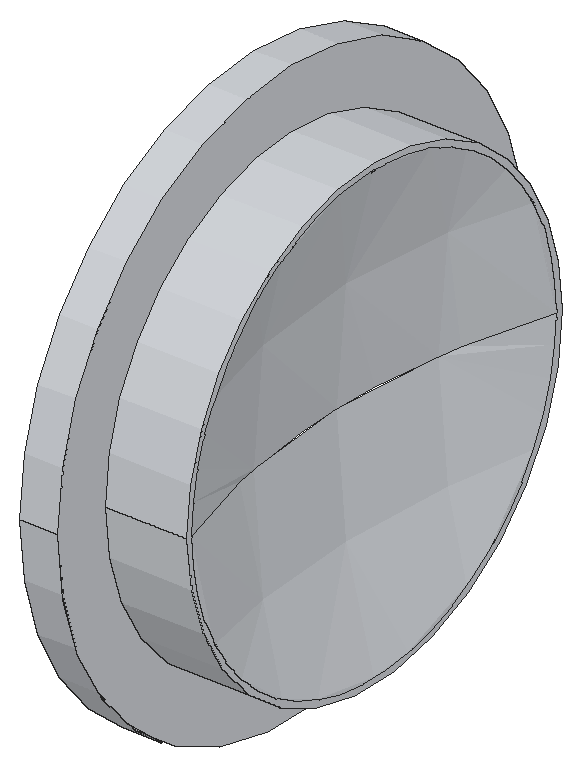
Revit family "61090a06ac71469b8d542e2bde40ab55", category Pipe Fittings, Revit 2021
Family settings
  Round Connector Dimension = Use Radius
  Part Type = Cap
  OmniClass Number = 23.60.30.11.14
  OmniClass Title = Pipework Fittings
  Seek Item ID = Cap - PVC - Sch 40-0000-USA-ENU
  Work Plane-Based = No
  Always vertical = Yes
  Cut with Voids When Loaded = No
  Shared = No
Parameters (values of type "Standard")
  Nominal Radius [instance] = 7.0000"
  Nominal Diameter [instance] = Nominal Radius * 2  # 14.0000"
  Loss Method = Not Defined
  Socket Outside Radius [instance] = Socket Outside Diameter / 2  # 8.0950"
  Socket Outside Diameter [instance] = size_lookup(Lookup Table Name, "SOD", 1.08 * Nominal Diameter + 1.12109", Nominal Diameter)  # 16.1900"
  Lookup Table Name = "Cap Dished - MJ - DI - Class 250"
  Length 1 [instance] = (((Socket Outside Radius * Socket Outside Radius) / Gland Width) - Gland Width) / 2  # 24.35608"
  Length [instance] = size_lookup(Lookup Table Name, "Lgt", 0.09 * Nominal Diameter + 2.5700", Nominal Diameter)  # 4.1600"
  Gland Width [instance] = size_lookup(Lookup Table Name, "GWid", 0.03 * Nominal Diameter + 0.9400", Nominal Diameter)  # 1.3100"
  Gland Outside Radius [instance] = Gland Outside Diameter / 2  # 10.1250"
  Gland Outside Diameter [instance] = size_lookup(Lookup Table Name, "GOD", 1.16 * Nominal Diameter + 4.0300", Nominal Diameter)  # 20.2500"
  Default Elevation = 0.0000"
Reference planes (in)
  plane 1 "Center (Front/Back)": y = 0
  plane 2: z = 0
  plane 3 "Center (Left/Right)": x = 0
  plane 4: x = 4.16
  plane 5: y = 8.095
  plane 6: y = -8.095
  plane 7: x = 1.31
  plane 8: x = 2.85
  plane 9 "void cl": x = 27.20608
Forms (in)
  Extrusion 1, solid, detail levels fine
    sketch origin (0, 0, 0) x (0, 1, 0) y (0, 0, 1)
      loop
        circle (0, 0) r 10.125
    from 0 to 1.31
  Extrusion 2, solid, detail levels fine
    sketch origin (0, 0, 0) x (0, 1, 0) y (0, 0, 1)
      loop
        circle (0, 0) r 8.095
    from 1.31 to 4.16
  Revolve 3, void
    sketch origin (0, 0, 0) x (1, 0, 0) y (0, 1, 0)
      loop
        arc (27.20608, 24.35608) -> (2.85, 0) -> (27.20608, -24.35608) r 24.35608
        line (27.20608, -24.35608) -> (27.20608, 24.35608)
      axis (27.20608, 24.35608) -> (27.20608, -24.35608)
    angle from 0 to 360
Cuts and joins
  Revolve 3 cuts Extrusion 2
  joined: Extrusion 1, Extrusion 2
Lines and regions (in)
  model lines, detail levels coarse+medium
    curve 1: line (0, 8.095, 0) -> (4.16, 8.095, 0)
    curve 2: line (4.16, 8.095, 0) -> (4.16, -8.095, 0)
    curve 3: line (4.16, -8.095, 0) -> (0, -8.095, 0)
Dimensions and locks (in)
  "Socket Outside Radius": plane 1 "Center (Front/Back)" to plane 5
  "Socket Outside Radius": plane 6 to plane 1 "Center (Front/Back)"
  "Gland Width": plane 3 "Center (Left/Right)" to plane 7
  "Gland Width": plane 8 to plane 4
  "Length 1": plane 8 to plane 9 "void cl"
  "Length": plane 3 "Center (Left/Right)" to plane 4
  "Gland Outside Radius": radius of Extrusion 1 sketch curve
  "Socket Outside Radius": radius of Extrusion 2 sketch curve
  "Length 1": radius of Revolve 3 sketch curve
  aligned and locked: curve 2 to plane 4
  aligned and locked: plane 3 "Center (Left/Right)" to curve 1
  aligned and locked: plane 3 "Center (Left/Right)" to curve 3
  aligned and locked: curve 1 to plane 5
  aligned and locked: curve 3 to plane 6
  aligned and locked: plane 1 "Center (Front/Back)" to Extrusion 1 sketch curve
  aligned and locked: plane 2 to Extrusion 1 sketch curve
  aligned and locked: Extrusion 1 to plane 3 "Center (Left/Right)"
  aligned and locked: Extrusion 1 to plane 7
  aligned and locked: Extrusion 2 to plane 7
  aligned and locked: plane 4 to Extrusion 2
  aligned and locked: plane 2 to Extrusion 2 sketch curve
  aligned and locked: plane 1 "Center (Front/Back)" to Extrusion 2 sketch curve
  aligned and locked: Revolve 3 sketch curve to plane 9 "void cl"
  aligned and locked: plane 1 "Center (Front/Back)" to Revolve 3 sketch curve
  aligned and locked: Revolve 3 sketch curve to Revolve 3 sketch curve
Automatic sketch dimensions
  plane 6 to Revolve 3 sketch curve = 1.4500"
  Revolve 3 sketch curve to Revolve 3 sketch curve = 0.4750"
Connectors (in)
  piping at (0, 0, 0), diameter 14, driven by "Nominal Radius"
    settings: on Extrusion 1, index 1, connector inside diameter 14.0000", connector length 0.0000", flow factor 0, pipe flow 0 GPM, pressure drop 0.00 psi, fitting loss kfactor 0, connector angle 0.00°, fixture units 0, engagement length 0.0000", angle of deflection 0.00°, flow configuration 0, flow direction 0, fitting loss method 0, system type 28, joint type 0, gender type 0, connector reference index -1, connector utility 0, adjustable connector no, is connector primary yes, connector description ""
